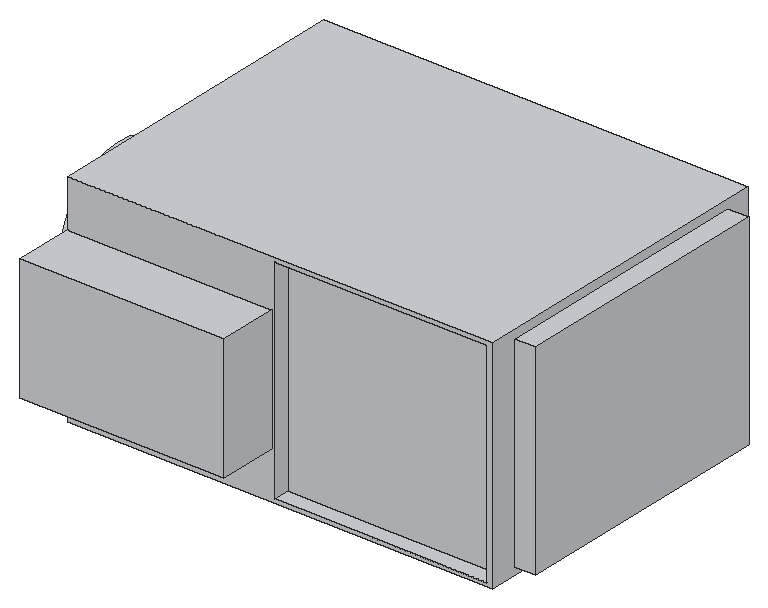
Revit family "M_Unidade VAV - Alimentação por ventilador - Fluxo em série", category Equipamento mecânico, Revit 2019
Family settings
  Cota do conector redondo = Usar raio
  Tipo de parte = Normal
  Número OmniClass = 23.75.70.21.24.14
  Título OmniClass = Variable Volume Air Terminal Units
  ID de item do Seek = VAV Unit - Fan Powered - Series Flow-0000-CAN-ENU
  Com base no plano de trabalho = Não
  Sempre na vertical = Sim
  Corte com vazios quando carregada = Não
  Compartilhado = Não
  Ponto de cálculo do ambiente = Não
Parameters (values of type "350 mm")
  Voltagem = 277 V
  Queda de pressão do ar primário [instance] = 119.44 Pa
  Raio da entrada do ar primário = 175 mm
  Diâmetro da entrada do ar primário [instance] = Raio da entrada do ar primário * 2  # 350 mm
  Fluxo do ar primário [instance] = 732.0 L/s
  Queda de pressão do ar do plenum [instance] = 59.72 Pa
  Comprimento da entrada de ar do plenum = 500 mm
  Altura da entrada de ar do plenum = 500 mm
  Fluxo do ar do plenum [instance] = 566.0 L/s
  Comprimento total = 1000 mm
  Fluxo de ar de saída [instance] = 0.0 L/s
  Número de pólos = 1
  Classificação de carga = Refrigeração
  Material da caixa = none
  Assembly Code = ""
  Carga aparente = 1084 VA
  Largura da saída do ar = 625 mm
  Altura da saída de ar = 480 mm
  Largura da meia saída de ar = Largura da saída do ar * 1 / 2  # 312.5 mm
  Altura da meia saída de ar = Altura da saída de ar * 1 / 2  # 240 mm
Types (6, lengths in mm): name | Queda de pressão do ar primário | Raio da entrada do ar primário | Diâmetro da entrada do ar primário | Fluxo do ar primário | Queda de pressão do ar do plenum | Comprimento da entrada de ar do plenum | Altura da entrada de ar do plenum | Fluxo do ar do plenum | Comprimento total | Carga aparente | Largura da saída do ar | Altura da saída de ar | Largura da meia saída de ar | Altura da meia saída de ar
  125 mm | 22.4 Pa | 62.5 | 125 | 165.0 L/s | 0.0 Pa | 350 | 350 | 70.8 L/s | 860 | 136 VA | 350 | 430 | 175 | 215
  300 mm | 126.91 Pa | 150 | 300 | 732.0 L/s | 34.84 Pa | 500 | 500 | 425.0 L/s | 1000 | 542 VA | 625 | 480 | 312.5 | 240
  150 mm | 39.8 Pa | 75 | 150 | 236.0 L/s | 0.0 Pa | 500 | 400 | 23.6 L/s | 1000 | 362 VA | 480 | 400 | 240 | 200
  200 mm | 109.49 Pa | 100 | 200 | 425.0 L/s | 4.98 Pa | 500 | 400 | 142.0 L/s | 1000 | 362 VA | 480 | 400 | 240 | 200
  250 mm | 134.37 Pa | 125 | 250 | 661.0 L/s | 17.42 Pa | 500 | 400 | 284.0 L/s | 1000 | 542 VA | 625 | 400 | 312.5 | 200
  350 mm | 119.44 Pa | 175 | 350 | 732.0 L/s | 59.72 Pa | 500 | 500 | 566.0 L/s | 1000 | 1084 VA | 625 | 480 | 312.5 | 240
Reference planes
  plane 1 "Centro (Frente/Trás)": y = 0
  plane 2: z = 0
  plane 3 "Centro (Esquerda/Direita)": x = 0
  plane 4: x = 1000
  plane 5: z = 518.1
  plane 6 "Linha central": z = 259.05
  plane 7: y = -312.5
  plane 8: y = 312.5
  plane 9: y = 376
  plane 10: y = -376
  plane 11: z = 499.05
  plane 12: z = 19.05
  plane 13: z = 405.1
  plane 14: z = 113
  plane 15: y = -515.7
  plane 16: x = -101.6
  plane 17 "4"": y = -274.4
  plane 18: y = 75.6
  plane 19: x = 479.425
  plane 20: y = -337.9
  plane 21: x = 987.3
  plane 22: x = 487.3
  plane 23: z = 509.05
  plane 24: z = 9.05
  plane 25: x = 1050.8
  plane 26: y = -99.4
Forms (mm)
  Extrusion 1, solid, material <- "Material da caixa"
    sketch origin (0, 0, 0) x (1, 0, 0) y (0, 1, 0)
      loop
        line (0, 376) -> (0, -376) -> (1000, -376) -> (1000, 376) -> (0, 376)
    from 0 to 518.1
  Extrusion 2, solid, material <- "Material da caixa"
    sketch origin (0, 0, 0) x (1, 0, 0) y (0, 1, 0)
      loop
        line (0, -376) -> (0, -515.7) -> (479.425, -515.7) -> (479.425, -376) -> (0, -376)
    from 113 to 405.1
  Extrusion 3, solid, material <- "Material da caixa"
    sketch origin (0, 14.202, 0) x (0, 1, 0) y (0, 0, 1)
      loop
        circle (-113.602, 259.05) r 175
    from 0 to -101.6
  Extrusion 4, void, detail levels medium+fine
    sketch origin (0, 0, 0) x (1, 0, 0) y (0, 1, 0)
      loop
        line (487.3, -337.9) -> (487.3, -376) -> (987.3, -376) -> (987.3, -337.9) -> (487.3, -337.9)
    from 9.05 to 509.05
  Extrusion 5, solid, material <- "Material da caixa", detail levels medium+fine
    sketch origin (0, 0, 0) x (1, 0, 0) y (0, 1, 0)
      loop
        line (1000, 312.5) -> (1000, -312.5) -> (1050.8, -312.5) -> (1050.8, 312.5) -> (1000, 312.5)
    from 19.05 to 499.05
Cuts and joins
  Extrusion 4 cuts Extrusion 1
Dimensions and locks
  "Comprimento total": plane 4 to plane 3 "Centro (Esquerda/Direita)"
  "Largura da meia saída de ar": plane 7 to plane 1 "Centro (Frente/Trás)"
  "Largura da meia saída de ar": plane 1 "Centro (Frente/Trás)" to plane 8
  locked: plane 8 to plane 9 at 63.5
  plane 10 to plane 7 = 63.5 mm
  "Altura da meia saída de ar": plane 11 to plane 6 "Linha central"
  "Altura da meia saída de ar": plane 6 "Linha central" to plane 12
  locked: plane 12 to plane 2 at 19.05
  locked: plane 5 to plane 11 at 19.05
  locked: plane 13 to plane 6 "Linha central" at 146.05
  locked: plane 6 "Linha central" to plane 14 at 146.05
  locked: plane 15 to plane 10 at 139.7
  locked: plane 10 to plane 17 "4"" at 101.6
  "Diâmetro da entrada do ar primário": plane 18 to plane 17 "4""
  locked: plane 16 to plane 3 "Centro (Esquerda/Direita)" at 101.6
  locked: plane 3 "Centro (Esquerda/Direita)" to plane 19 at 479.425
  locked: plane 10 to plane 20 at 38.1
  locked: plane 21 to plane 4 at 12.7
  "Comprimento da entrada de ar do plenum": plane 22 to plane 21
  equal spacing: plane 23, plane 6 "Linha central", plane 24
  "Altura da entrada de ar do plenum": plane 23 to plane 24
  locked: plane 4 to plane 25 at 50.8
  "Raio da entrada do ar primário": plane 26 to plane 17 "4""
  "Raio da entrada do ar primário": radius of Extrusion 3 sketch curve
  aligned and locked: plane 3 "Centro (Esquerda/Direita)" to Extrusion 1 sketch curve
  aligned and locked: Extrusion 1 sketch curve to plane 4
  aligned and locked: plane 3 "Centro (Esquerda/Direita)" to Extrusion 2 sketch curve
  aligned and locked: plane 9 to Extrusion 1
  aligned and locked: plane 10 to Extrusion 1
  aligned and locked: Extrusion 1 to plane 2
  aligned and locked: plane 5 to Extrusion 1
  aligned and locked: Extrusion 2 to plane 10  (x2)
  aligned and locked: plane 13 to Extrusion 2
  aligned and locked: Extrusion 2 to plane 14
  aligned and locked: Extrusion 2 to plane 15
  aligned and locked: Extrusion 3 to plane 16
  aligned and locked: Extrusion 2 to plane 19
  aligned and locked: plane 3 "Centro (Esquerda/Direita)" to Extrusion 3
  aligned and locked: plane 10 to cut or joined group of Extrusion 1, Extrusion 4
  aligned and locked: plane 20 to cut or joined group of Extrusion 1, Extrusion 4
  aligned and locked: plane 21 to cut or joined group of Extrusion 1, Extrusion 4
  aligned and locked: cut or joined group of Extrusion 1, Extrusion 4 to plane 22
  aligned and locked: plane 23 to cut or joined group of Extrusion 1, Extrusion 4
  aligned and locked: plane 24 to cut or joined group of Extrusion 1, Extrusion 4
  aligned and locked: Extrusion 5 to plane 4
  aligned and locked: Extrusion 5 to plane 25
  aligned and locked: Extrusion 5 to plane 12
  aligned and locked: plane 11 to Extrusion 5
  aligned and locked: plane 8 to Extrusion 5
  aligned and locked: Extrusion 5 to plane 7
  aligned and locked: plane 6 "Linha central" to Extrusion 3 sketch curve
  aligned and locked: plane 26 to Extrusion 3 sketch curve
Automatic sketch dimensions
  plane 1 "Centro (Frente/Trás)" to Extrusion 1 sketch curve = 376 mm
  Extrusion 1 sketch curve to plane 1 "Centro (Frente/Trás)" = 376 mm
  plane 3 "Centro (Esquerda/Direita)" to Extrusion 2 sketch curve = 479.425 mm
  plane 1 "Centro (Frente/Trás)" to Extrusion 2 sketch curve = 515.7 mm
  Extrusion 2 sketch curve to Extrusion 2 sketch curve = 139.7 mm
  Extrusion 4 sketch curve to plane 10 = 0 mm
  Extrusion 4 sketch curve to plane 22 = 0 mm
  Extrusion 4 sketch curve to plane 21 = 0 mm
  Extrusion 4 sketch curve to plane 20 = 0 mm
  Extrusion 5 sketch curve to plane 17 "4"" = 38.1 mm
  plane 21 to Extrusion 5 sketch curve = 12.7 mm
  plane 4 to Extrusion 5 sketch curve = 50.8 mm
  plane 18 to Extrusion 5 sketch curve = 236.9 mm
Connectors
  hvac at (-101.6, -99.4, 259.05), driven by "Fluxo do ar primário", driven by "Raio da entrada do ar primário"
    settings: on Extrusion 3, index 1, duct flow 732.0 L/s, flow factor 0, pres drop 0.0 Pa, loss coef 0, conn angle 0.00°, conn width 304.8 mm, conn height 304.8 mm, conn diameter 350 mm, duct sys type 1, conn prof type 0, flow config 0, flow direction 1, loss method 4, conn ref index -1, conn util no, is conn primary yes, conn desc ""
  hvac at (737.3, -337.9, 259.05), driven by "Fluxo do ar do plenum", driven by "Queda de pressão do ar do plenum", driven by "Altura da entrada de ar do plenum", driven by "Comprimento da entrada de ar do plenum"
    settings: on cut or joined group of Extrusion 1, Extrusion 4, index 2, duct flow 566.0 L/s, flow factor 0, pres drop 59.72 Pa, loss coef 0, conn angle 0.00°, conn width 500 mm, conn height 500 mm, conn diameter 609.6 mm, duct sys type 2, conn prof type 1, flow config 0, flow direction 1, loss method 4, conn ref index -1, conn util no, is conn primary no, conn desc ""
  hvac at (1050.8, 0, 259.05), driven by "Fluxo de ar de saída", driven by "Altura da saída de ar", driven by "Largura da saída do ar", driven by "Queda de pressão do ar primário"
    settings: on Extrusion 5, index 3, duct flow 0.0 L/s, flow factor 0, pres drop 119.44 Pa, loss coef 0, conn angle 0.00°, conn width 625 mm, conn height 480 mm, conn diameter 609.6 mm, duct sys type 1, conn prof type 1, flow config 0, flow direction 2, loss method 4, conn ref index -1, conn util no, is conn primary no, conn desc ""
  electrical at (239.713, -515.7, 259.05), driven by "Carga aparente", driven by "Voltagem", driven by "Número de pólos", driven by "Classificação de carga"
    settings: on Extrusion 2, index 4, voltage 277 V, apparent load 1084 VA, apparent load phase1 0 VA, apparent load phase2 0 VA, apparent load phase3 0 VA, power factor 0.8, load classification "Refrigeração", number of poles 1, system type 30, power factor state 1, is connector primary yes, connector utility no, sub classification motor no, connector description ""
